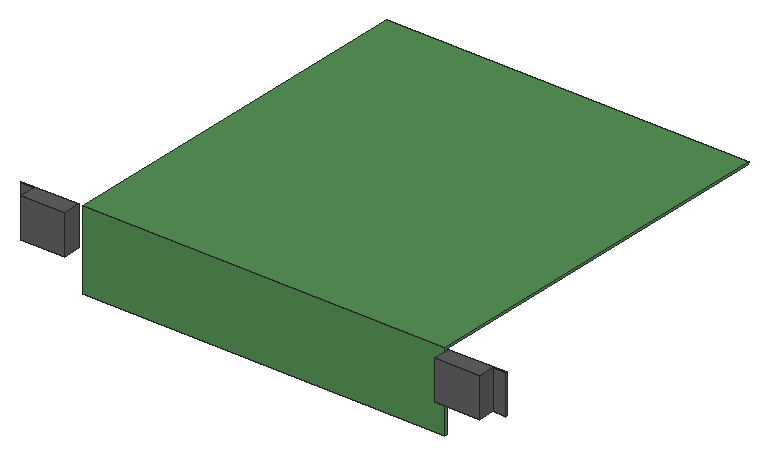
Revit family "Levelers_Kelley_HP", category Specialty Equipment, host Floor, Revit 2024
Family settings
  Host = Floor
  Round Connector Dimension = Use Diameter
  Part Type = Normal
  Enable Cutting in Views = No
  Always vertical = Yes
  Cut with Voids When Loaded = Yes
  Maintain Annotation Orientation = No
  Shared = No
  Room Calculation Point = No
Parameters (values of type "7x8")
  URL = "http://kelleyentrematic.com/"
  Model = "HP"
  Manufacturer = "Kelley Entrematic"
  Description = "Hydraulic Leveler"
  LipExtension = 0' - 0"
  PitWidth = 7' - 1"
  PitLength = 7' - 3"
  PitDepthR = PitDepth - 0' 0 1/2"  # 1' - 7 1/2"
  PitDepth = 1' - 8"
  LipLength = 1' - 6"
  Default Elevation = 0' - 0"
  Curb = 0' - 3"
  Capacity = "30-50k"
Types (9): name | PitWidth | PitLength | PitDepthR | PitDepth
  6x6 | 6' - 2" | 5' - 3" | 1' - 7 1/2" | 1' - 8"
  6x8 | 6' - 2" | 7' - 3" | 1' - 7 1/2" | 1' - 8"
  6.5x6 | 6' - 8" | 5' - 3" | 1' - 7 1/2" | 1' - 8"
  6.5x8 | 6' - 8" | 7' - 3" | 1' - 7 1/2" | 1' - 8"
  7x6 | 7' - 1" | 5' - 3" | 1' - 7 1/2" | 1' - 8"
  7x8 | 7' - 1" | 7' - 3" | 1' - 7 1/2" | 1' - 8"
  6x10 | 6' - 2" | 9' - 3" | 1' - 11 1/2" | 2' - 0"
  6.5x10 | 6' - 8" | 9' - 3" | 1' - 11 1/2" | 2' - 0"
  7x10 | 7' - 1" | 9' - 3" | 1' - 11 1/2" | 2' - 0"
Reference planes (in)
  plane 1 "Center (Front/Back)": y = 0
  plane 2: z = 0
  plane 3 "Center (Left/Right)": x = 0
  plane 4 "Lip Width": y = -59.5
  plane 5 "pit right": x = 42.5
  plane 6 "Pit left": x = -42.5
  plane 7 "pit rear": y = 27
  plane 8 "curb angle left": x = -45.5
  plane 9: x = -41.5
  plane 10 "curb angle right": x = 45.5
  plane 11: x = 41.5
  plane 12 "curb angle rear": y = 30
  plane 13 "Curb angle - Front": y = -57
  plane 14 "Edge of Dock": y = -60
  plane 15: z = -0.5
  plane 16: z = -19.5
  plane 17: z = -20
  plane 18: y = 15
  plane 19: y = -48
  plane 20 "Lip Length": z = -18
  plane 21: x = 63.5
  plane 22: x = -63.5
  plane 23: z = -3
  plane 24: z = -23
  plane 25: z = 0
  plane 26: z = 0
  plane 27: z = -9
  plane 28: x = -52.625
  plane 29: x = -55.625
  plane 30: y = -64
  plane 31: y = -60.25
  plane 32: x = 52.625
  plane 33: x = 55.625
Forms (in)
  Extrusion 1, void
    sketch origin (0, 0, 0) x (0, 1, 0) y (0, 0, 1)
      loop
        line (27, 0) -> (-60, 0) -> (-60, -20) -> (-48, -20) -> (15, -19.5) -> (27, -19.5) -> (27, 0)
    from -42.5 to 42.5
  Extrusion 2, solid, material "Kelly Diamond"
    sketch origin (0, 0, 0) x (1, 0, 0) y (0, 1, 0)
      loop
        line (-41.5, 27) -> (-41.5, -60) -> (41.5, -60) -> (41.5, 27) -> (-41.5, 27)
    from -0.5 to 0
  Extrusion 3, solid, material "Kelly Diamond"
    sketch origin (0, 0, 0) x (1, 0, 0) y (0, 0, 1)
      loop
        line (-41.5, 0) -> (-41.5, -18) -> (41.5, -18) -> (41.5, 0) -> (-41.5, 0)
    from 59.5 to 60
  Extrusion 4, solid, material "BUMPER"
    sketch origin (0, 0, 0) x (-1, 0, 0) y (0, -1, 0)
      loop
        line (42.5, 60) -> (55.625, 60) -> (55.625, 60.25) -> (52.625, 60.25) -> (52.625, 64) -> (42.5, 64) -> (42.5, 60)
      loop
        line (-42.5, 60) -> (-42.5, 64) -> (-52.625, 64) -> (-52.625, 60.25) -> (-55.625, 60.25) -> (-55.625, 60) -> (-42.5, 60)
    from -9 to 0
Cuts and joins
  joined: Extrusion 2, Extrusion 3
Lines and regions (in)
  model lines
    curve 1: line (-45.5, 30, 0) -> (45.5, 30, 0)
    curve 2: line (45.5, 30, 0) -> (45.5, 27, 0)
    curve 3: line (45.5, 27, 0) -> (-45.5, 27, 0)
    curve 4: line (-45.5, 27, 0) -> (-45.5, 30, 0)
    curve 5: line (-45.5, 27, 0) -> (-45.5, -57, 0)
    curve 6: line (-42.5, -57, 0) -> (-42.5, 27, 0)
    curve 7: line (-42.5, -57, 0) -> (-63.5, -57, 0)
    curve 8: line (-63.5, -57, 0) -> (-63.5, -60, 0)
    curve 9: line (-63.5, -60, 0) -> (-42.5, -60, 0)
    curve 10: line (45.5, 27, 0) -> (45.5, -57, 0)
    curve 11: line (42.5, -57, 0) -> (42.5, 27, 0)
    curve 12: line (42.5, -60, 0) -> (63.5, -60, 0)
    curve 13: line (63.5, -60, 0) -> (63.5, -57, 0)
    curve 14: line (63.5, -57, 0) -> (42.5, -57, 0)
    curve 15: line (-63.5, -60, 0) -> (-63.5, -60, -3)
    curve 16: line (-63.5, -60, -3) -> (-42.5, -60, -3)
    curve 17: line (-42.5, -60, -3) -> (-42.5, -60, 0)
    curve 18: line (-45.5, -60, -3) -> (-45.5, -60, -23)
    curve 19: line (-45.5, -60, -20) -> (-42.5, -60, -20)
    curve 20: line (-45.5, -60, -23) -> (45.5, -60, -23)
    curve 21: line (45.5, -60, -23) -> (45.5, -60, -3)
    curve 22: line (42.5, -60, -20) -> (45.5, -60, -20)
    curve 23: line (42.5, -60, -20) -> (42.5, -60, 0)
    curve 24: line (42.5, -60, -3) -> (63.5, -60, -3)
    curve 25: line (63.5, -60, -3) -> (63.5, -60, 0)
    curve 26: line (-42.5, -60, -3) -> (-42.5, -60, -20)
    curve 27: line (-42.5, -60, -20) -> (42.5, -60, -20)
    curve 28: line (-42.5, -57, 0) -> (-42.5, -60, 0)
    curve 29: line (42.5, -57, 0) -> (42.5, -60, 0)
Dimensions and locks (in)
  equal spacing: host sketch curve, plane 1 "Center (Front/Back)", host sketch curve
  equal spacing: host sketch curve, plane 3 "Center (Left/Right)", host sketch curve
  host sketch curve to host sketch curve = 10' - 0"  (x2)
  equal spacing: plane 6 "Pit left", plane 3 "Center (Left/Right)", plane 5 "pit right"
  "PitWidth": plane 6 "Pit left" to plane 5 "pit right"
  "PitLength": plane 14 "Edge of Dock" to plane 7 "pit rear"
  "Curb": plane 8 "curb angle left" to plane 6 "Pit left"
  locked: plane 6 "Pit left" to plane 9 at 1
  locked: plane 11 to plane 5 "pit right" at 1
  "Curb": plane 5 "pit right" to plane 10 "curb angle right"
  "Curb": plane 7 "pit rear" to plane 12 "curb angle rear"
  "Curb": plane 14 "Edge of Dock" to plane 13 "Curb angle - Front"
  "PitDepthR": level to plane 16
  "PitDepth": level to plane 17
  locked: plane 7 "pit rear" to plane 18 at 12
  locked: plane 19 to plane 14 "Edge of Dock" at 12
  "LipLength": level to plane 20 "Lip Length"
  locked: plane 22 to plane 6 "Pit left" at 21
  locked: plane 5 "pit right" to plane 21 at 21
  "LipExtension": plane 26 to level
  locked: plane 24 to plane 17 at 3
  locked: level to plane 15 at 0.5
  locked: plane 14 "Edge of Dock" to plane 4 "Lip Width" at 0.5
  locked: plane 3 "Center (Left/Right)" to connector elem at 14
  locked: connector elem to level at 16
  locked: curve 9 to plane 27 at 9
  locked: plane 28 to plane 6 "Pit left" at 10.125
  locked: plane 29 to plane 6 "Pit left" at 13.125
  locked: plane 30 to curve 9 at 4
  locked: plane 31 to curve 9 at 0.25
  locked: plane 5 "pit right" to plane 32 at 10.125
  locked: plane 5 "pit right" to plane 33 at 13.125
  aligned and locked: level to plane 2
  aligned and locked: plane 14 "Edge of Dock" to host floor
  aligned and locked: plane 19 to Extrusion 1 sketch curve
  aligned and locked: plane 16 to Extrusion 1 sketch curve
  aligned and locked: Extrusion 1 sketch curve to plane 18
  aligned and locked: plane 17 to Extrusion 1 sketch curve
  aligned and locked: Extrusion 1 sketch curve to plane 14 "Edge of Dock"
  aligned and locked: Extrusion 1 to plane 6 "Pit left"
  aligned and locked: Extrusion 1 to plane 5 "pit right"
  aligned and locked: plane 7 "pit rear" to Extrusion 2 sketch curve
  aligned and locked: Extrusion 2 sketch curve to plane 9
  aligned and locked: Extrusion 2 sketch curve to plane 14 "Edge of Dock"
  aligned and locked: Extrusion 2 to plane 15
  aligned and locked: level to Extrusion 2
  aligned and locked: Extrusion 3 sketch curve to Extrusion 2
  aligned and locked: plane 20 "Lip Length" to Extrusion 3 sketch curve
  aligned and locked: Extrusion 3 sketch curve to plane 11
  aligned and locked: Extrusion 3 to plane 14 "Edge of Dock"
  aligned and locked: Extrusion 3 to plane 4 "Lip Width"
  aligned and locked: Extrusion 2 sketch curve to plane 11
  aligned and locked: curve 7 to plane 13 "Curb angle - Front"
  aligned and locked: curve 8 to plane 22
  aligned and locked: curve 5 to plane 8 "curb angle left"
  aligned and locked: plane 6 "Pit left" to curve 6
  aligned and locked: curve 3 to plane 7 "pit rear"
  aligned and locked: plane 12 "curb angle rear" to curve 1
  aligned and locked: curve 2 to plane 10 "curb angle right"
  aligned and locked: plane 5 "pit right" to curve 11
  aligned and locked: curve 10 to plane 10 "curb angle right"
  aligned and locked: curve 14 to plane 13 "Curb angle - Front"
  aligned and locked: plane 14 "Edge of Dock" to curve 12
  aligned and locked: curve 13 to plane 21
  aligned and locked: plane 24 to curve 18
  aligned and locked: curve 16 to plane 23
  aligned and locked: curve 15 to plane 22
  aligned and locked: plane 6 "Pit left" to curve 17
  aligned and locked: curve 22 to plane 5 "pit right"
  aligned and locked: curve 21 to plane 10 "curb angle right"
  aligned and locked: curve 22 to plane 17
  aligned and locked: curve 25 to plane 21
  aligned and locked: curve 19 to curve 27
  aligned and locked: curve 9 to plane 14 "Edge of Dock"
  aligned and locked: plane 26 to Extrusion 3 sketch curve
  aligned and locked: plane 23 to curve 24
  aligned and locked: plane 24 to curve 20
  aligned and locked: plane 27 to Extrusion 4
  aligned and locked: level to Extrusion 4
  aligned and locked: cut or joined group of Extrusion 2, Extrusion 3 to plane 7 "pit rear"  (x2)
  aligned and locked: plane 30 to Extrusion 4 sketch curve
  aligned and locked: Extrusion 4 sketch curve to plane 28
  aligned and locked: Extrusion 4 sketch curve to curve 9
  aligned and locked: Extrusion 4 sketch curve to plane 29
  aligned and locked: plane 31 to Extrusion 4 sketch curve
  aligned and locked: Extrusion 4 sketch curve to plane 6 "Pit left"
  aligned and locked: Extrusion 4 sketch curve to plane 5 "pit right"
  aligned and locked: Extrusion 4 sketch curve to curve 12
  aligned and locked: Extrusion 4 sketch curve to plane 30
  aligned and locked: Extrusion 4 sketch curve to plane 31
  aligned and locked: plane 32 to Extrusion 4 sketch curve
  aligned and locked: Extrusion 4 sketch curve to plane 33
Automatic sketch dimensions
  Extrusion 1 sketch curve to level = 0' - 0"
  Extrusion 1 sketch curve to plane 7 "pit rear" = 0' - 0"
  curve 25 to level = 0' - 0"
  curve 18 to plane 23 = 0' - 0"
  curve 23 to level = 0' - 0"
  curve 17 to level = 0' - 0"
  curve 15 to level = 0' - 0"
  curve 27 to plane 17 = 0' - 0"
  plane 8 "curb angle left" to curve 20 = 0' - 0"
  plane 21 to curve 25 = 0' - 0"
Connectors (in)
  electrical at (14, 27, -16)
    settings: on plane 7 "pit rear", index 1, voltage 120 V, apparent load 0 VA, apparent load phase1 0 VA, apparent load phase2 0 VA, apparent load phase3 0 VA, power factor 1, load classification "Other", number of poles 1, system type 31, power factor state 1, is connector primary yes, connector utility no, sub classification motor no, connector description ""
